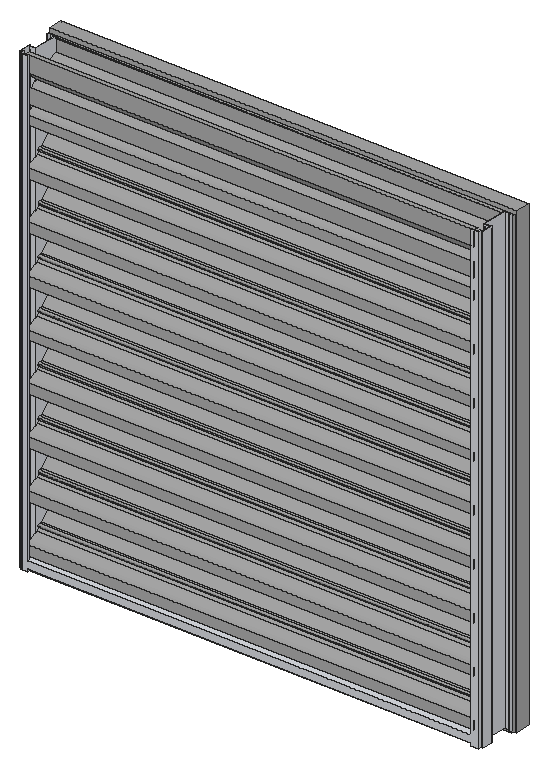
Revit family
Parameters
  Weight = "4 lb/sq.ft."  # constant formula
  Warranty = "All materials and workmanship are warranted for a period of 1 year from date of completion."  # constant formula
  URL = "http://www.industriallouvers.com"
  Surface Finish = "Aluminum, Anodized, or Kynar finish"  # constant formula
  Support Material = Aluminum
  Subcategory = "Fixed Extruded Non-Drainable "  # constant formula
  Static Pressure Loss = ".15\" of water gage @ an air flow of 976.4 FPM free area velocity"
  Specifications  URL = "http://www.industriallouvers.com/downloads/Extruded%20Non-Drainable/456XP_SD.doc"
  Screen Material = Screen Material
  SMARTBIM URL = "http://www.SMARTBIM.com"
  SMARTBIM Object Version = 3  # constant formula
  SMARTBIM Object Created By = "SMARTBIM, LLC"  # constant formula
  SMARTBIM Contact = "mailto:SMARTBIM@SMARTBIM.com"
  Product Submittal URL = "http://www.industriallouvers.com/downloads/Extruded%20Non-Drainable/456XP_PS.pdf"
  Product Page URL = "http://www.industriallouvers.com/lv_fend.php"
  Number of Blades [instance] = (Louver Height - 0' 5 1/2") / 0' 5"  # 9
  Model = "456XP "  # constant formula
  Minimum Height = 1' - 0"  # constant formula
  Maximum Water Penetration = ".01 oz at an air flow of 903.7 FPM"  # constant formula
  Maximum Size - Single Section [instance] = "One dimension not to exceed 78\" or 300 lbs"
  Material = "Aluminum"  # constant formula
  Manufacturer Toll Free Phone = "1-800-328-3421"  # constant formula
  Manufacturer Phone = "763-972-2981"  # constant formula
  Manufacturer Fax = "763-972-2911"  # constant formula
  Manufacturer Email = "mailto:ilinfo@industriallouvers.com"
  Manufacturer Address = "511 S. 7th Street, Delano, MN 55328"  # constant formula
  Manufacturer = "Industrial Louvers, Inc."  # constant formula
  Maintenance = "http://www.industriallouvers.com/prod-forms/Maintenance%20Instructions.pdf"
  Louver Width [instance] = 4' - 0"
  Louver Height [instance] = 4' - 0"
  Installation URL = "http://www.industriallouvers.com/downloads/Extruded%20Non-Drainable/456XP_II.pdf"
  Height [instance] = if(Louver Height < 1' 0", 1' 0", Louver Height)  # 4' - 0"
  Free Area for 48”x48” Louver = "52.8%"  # constant formula
  Free Area (ft²) for 48" x 48" Louver = "8.45"  # constant formula
  Frame Material = Aluminum
  Description = "Fixed Extruded Non-Drainable "  # constant formula
  Depth = 0' - 4"  # constant formula
  Default Elevation = 4' - 0"
  Cost Info = "Contact Factory"  # constant formula
  CAD Drawings = "http://www.industriallouvers.com/downloads/Extruded%20Non-Drainable/456XP_ACD.dwg"
  Blade Width [instance] = Louver Width - 0' 1 1/2"  # 3' - 10 1/2"
  Blade Start Height [instance] = (Louver Height - 0' 4 1/2" - Blade Region Height) / 2  # 0' - 1 3/4"
  Blade Region Height [instance] = (Blade Count - 1) * 0' 5"  # 3' - 4"
  Blade Material = Aluminum
  Blade Count [instance] = if(((Louver Height - 0' 5 1/2") / 0' 5") < 2, 2, (Louver Height - 0' 5 1/2") / 0' 5")  # 9
  Assembly Code = "B2010300"
  95 CSI = "10200"  # constant formula
  04 CSI = "08 91 00"  # constant formula
Reference planes (in)
  plane 1 "Center (Front/Back)": y = 0
  plane 2: z = 0
  plane 3 "Center (Left/Right)": x = 0
  plane 4: x = -24
  plane 5: x = 24
  plane 6: x = -23.25
  plane 7: x = 23.25
  plane 8 "Back of Blade": y = 2
  plane 9: z = 1.75
  plane 10: z = 41.75
  plane 11: z = 48.5
  plane 12 "Back of Screen": y = 2.345
  plane 13: z = 47
  plane 14: z = 1.5
  plane 15: y = 2.47
  plane 16: z = 48.375
  plane 17: z = 0.125
  plane 18: y = 3.845
  plane 19 "Front of Louver": y = -2
  plane 20: z = 48.25
  plane 21: z = 0.25
  plane 22: z = 21.75
  plane 23: x = -24.25
  plane 24: x = 24.25
  plane 25: z = 48
Forms (in)
  Extrusion 1, solid, material "Aluminum" <- "Blade Material"
    sketch origin (0, -24, 12.25956) x (0, 1, 0) y (0, 0, 1)
      loop
        line (22.081, 33.00458) -> (22.081, 31.47297) -> (24.00309, 33.76363) -> (26, 34.49044) -> (26, 35.99044) -> (25.75, 35.99044) -> (25.75, 35.90944) -> (25.919, 35.90944) -> (25.919, 34.54716) -> (23.95499, 33.83232) -> (23.39548, 33.16551) -> (22.162, 34.39899) -> (22.162, 35.90944) -> (22.581, 35.90944) -> (22.581, 35.99044) -> (22.081, 35.99044) -> (22.081, 34.36544) -> (23.34321, 33.10323) -> (22.162, 31.69551) -> (22.162, 32.92358) -> (22.081, 33.00458)
    from -23.25 to 23.25
  Sweep 2, solid, material "Aluminum" <- "Support Material"
    path origin (0, 0, 0) x (1, 0, 0) y (0, 0, 1)
      loop
        line (-24.25, 48.5) -> (-24.25, 0) -> (24.25, 0) -> (24.25, 48.5) -> (-24.25, 48.5)
    profile origin (0, 0, 48.5) x (0, 0, 1) y (0, -1, 0)
      loop
        line (-1.5, -2.345) -> (-1.5, -2.47) -> (-0.125, -2.47) -> (-0.125, -3.845) -> (0, -3.845) -> (0, -2.345) -> (-1.5, -2.345)
  Extrusion 3, solid
    sketch origin (-10, 22.75594, 29.61826) x (1, 0, 0) y (0, 1, 0)
      loop
        line (33.331, -20.83694) -> (33.919, -20.83694) -> (33.919, -21.00594) -> (34, -21.00594) -> (34, -20.75594) -> (33.25, -20.75594) -> (33.25, -23.46894) -> (33.919, -23.46894) -> (33.919, -24.42494) -> (33.669, -24.42494) -> (33.669, -24.67494) -> (33, -24.67494) -> (33, -24.75594) -> (33.75, -24.75594) -> (33.75, -24.50594) -> (34, -24.50594) -> (34, -23.32994)
        arc (34, -23.32994) -> (33.97, -23.29994) -> (33.94, -23.32994) r 0.03
        line (33.94, -23.32994) -> (33.94, -23.38794) -> (33.331, -23.38794) -> (33.331, -20.83694)
    from -29.36826 to 18.63174
  Extrusion 4, solid
    sketch origin (10, -22.75594, 29.61826) x (-1, 0, 0) y (0, -1, 0)
      loop
        line (33.331, -24.67494) -> (33.331, -22.12394) -> (33.94, -22.12394) -> (33.94, -22.18194)
        arc (33.94, -22.18194) -> (33.97, -22.21194) -> (34, -22.18194) r 0.03
        line (34, -22.18194) -> (34, -21.00594) -> (33.75, -21.00594) -> (33.75, -20.75594) -> (33, -20.75594) -> (33, -20.83694) -> (33.669, -20.83694) -> (33.669, -21.08694) -> (33.919, -21.08694) -> (33.919, -22.04294) -> (33.25, -22.04294) -> (33.25, -24.75594) -> (34, -24.75594) -> (34, -24.50594) -> (33.919, -24.50594) -> (33.919, -24.67494) -> (33.331, -24.67494)
    from -29.36826 to 18.63174
  Extrusion 5, solid
    sketch origin (0, 10.4294, 0.25) x (0, 1, 0) y (0, 0, 1)
      loop
        line (-10.9944, 1.30065) -> (-9.79367, 1.62238) -> (-9.3574, 1.62238) -> (-9.3574, 1.73928) -> (-8.5104, 1.96624) -> (-8.5104, 0.081) -> (-8.6794, 0.081) -> (-8.6794, 0) -> (-8.4294, 0) -> (-8.4294, 4.39621) -> (-8.80856, 4.01705) -> (-8.69401, 4.01705) -> (-8.5104, 4.20066) -> (-8.5104, 2.05009) -> (-12.42934, 1.00002) -> (-12.42934, 0.25) -> (-12.1794, 0.25) -> (-12.1794, 0) -> (-11.6794, 0) -> (-11.6794, 0.081) -> (-12.0984, 0.081) -> (-12.0984, 0.331) -> (-12.3484, 0.331) -> (-12.3484, 0.91406)
        arc (-12.3484, 0.91406) -> (-12.34199, 0.93293) -> (-12.32542, 0.944) r 0.031
        line (-12.32542, 0.944) -> (-11.43067, 1.18375) -> (-10.9944, 1.18375) -> (-10.9944, 1.30065)
    from -23.25 to 23.25
Cuts and joins
  joined: Extrusion 3, Extrusion 4, Extrusion 5
Dimensions and locks (in)
  equal spacing: plane 4, plane 3 "Center (Left/Right)", plane 5
  "Louver Width": plane 4 to plane 5
  locked: plane 4 to plane 6 at 0.75
  locked: plane 7 to plane 5 at 0.75
  "Blade Start Height": plane 9 to level
  "Louver Height": plane 20 to plane 21
  locked: plane 18 to plane 12 "Back of Screen" at 1.5
  locked: plane 15 to plane 12 "Back of Screen" at 0.125
  locked: plane 11 to plane 13 at 1.5
  locked: plane 11 to plane 16 at 0.125
  locked: plane 17 to level at 0.125
  locked: plane 14 to level at 1.5
  locked: plane 12 "Back of Screen" to plane 8 "Back of Blade" at 0.345
  equal spacing: plane 8 "Back of Blade", plane 1 "Center (Front/Back)", plane 19 "Front of Louver"
  locked: plane 8 "Back of Blade" to plane 19 "Front of Louver" at 4
  locked: plane 11 to plane 20 at 0.25
  locked: plane 21 to level at 0.25
  equal spacing: group 1, group 3, group 4, group 5, group 6, group 7, group 8, group 9, group 2  (x3)
  locked: plane 23 to plane 4 at 0.25
  locked: plane 5 to plane 24 at 0.25
  equal spacing: plane 10, plane 22, plane 9
  locked: plane 11 to plane 25 at 0.5
  "Blade Region Height": plane 10 to plane 9
  aligned and locked: Sweep 2 sketch curve to plane 11
  aligned and locked: Sweep 2 sketch curve to level
  aligned and locked: Sweep 2 to plane 12 "Back of Screen"
  aligned and locked: nested 1 to plane 12 "Back of Screen"
  aligned and locked: nested 1 to plane 8 "Back of Blade"
  aligned and locked: nested 1 to level
  aligned and locked: plane 5 to Extrusion 3
  aligned and locked: Extrusion 4 to plane 4
  aligned: plane 11 to Extrusion 3
  aligned and locked: Extrusion 1 to plane 20
  aligned and locked: Extrusion 1 to plane 8 "Back of Blade"
  aligned and locked: Extrusion 1 to plane 6
  aligned and locked: plane 7 to Extrusion 1
  aligned: Extrusion 3 to level
  aligned: Extrusion 4 to level
  aligned: plane 11 to Extrusion 4
  aligned and locked: plane 3 "Center (Left/Right)" to nested 2
  aligned and locked: nested 2 to plane 8 "Back of Blade"
  aligned and locked: plane 9 to nested 2
  aligned and locked: plane 10 to nested 3
  aligned and locked: plane 3 "Center (Left/Right)" to nested 4
  aligned and locked: nested 4 to plane 8 "Back of Blade"
  aligned: plane 3 "Center (Left/Right)" to nested 1
  aligned and locked: plane 22 to nested 4
  aligned and locked: Extrusion 5 to plane 6
  aligned and locked: plane 7 to Extrusion 5
  aligned and locked: cut or joined group of Extrusion 3, Extrusion 4, Extrusion 5 to plane 20  (x2)
  aligned and locked: plane 21 to cut or joined group of Extrusion 3, Extrusion 4, Extrusion 5  (x2)
  aligned and locked: plane 23 to Sweep 2 sketch curve
  aligned and locked: plane 24 to Sweep 2 sketch curve
  aligned and locked: plane 25 to nested 1
  aligned and locked: plane 5 to nested 1
  aligned and locked: nested 1 to plane 4
Automatic sketch dimensions
  Extrusion 3 sketch curve to Extrusion 3 sketch curve = 0' - 0.081"  (x7)
  Extrusion 3 sketch curve to Extrusion 3 sketch curve = 0' - 0.169"  (x3)
  Extrusion 3 sketch curve to Extrusion 3 sketch curve = 0' - 0.588"
  Extrusion 3 sketch curve to Extrusion 3 sketch curve = 0' - 0.021"
  Extrusion 3 sketch curve to Extrusion 3 sketch curve = 0' - 0.03"
  Extrusion 3 sketch curve to Extrusion 3 sketch curve = 0' - 0.956"
  Extrusion 3 sketch curve to Extrusion 3 sketch curve = 0' - 0.058"
  Extrusion 3 sketch curve to Extrusion 3 sketch curve = 0' - 2.324"
  Extrusion 3 sketch curve to Extrusion 3 sketch curve = 0' - 0 1/4"
  Extrusion 3 sketch curve to Extrusion 3 sketch curve = 0' - 0.669"
  Extrusion 4 sketch curve to Extrusion 4 sketch curve = 0' - 0.081"  (x7)
  Extrusion 4 sketch curve to Extrusion 4 sketch curve = 0' - 0.169"  (x3)
  Extrusion 4 sketch curve to Extrusion 4 sketch curve = 0' - 0.588"
  Extrusion 4 sketch curve to Extrusion 4 sketch curve = 0' - 0.021"
  Extrusion 4 sketch curve to Extrusion 4 sketch curve = 0' - 0.03"
  Extrusion 4 sketch curve to Extrusion 4 sketch curve = 0' - 0.956"
  Extrusion 4 sketch curve to Extrusion 4 sketch curve = 0' - 0.058"
  Extrusion 4 sketch curve to Extrusion 4 sketch curve = 0' - 2.324"
  Extrusion 4 sketch curve to Extrusion 4 sketch curve = 0' - 0 1/4"
  Extrusion 4 sketch curve to Extrusion 4 sketch curve = 0' - 0.669"
  profile plane to Sweep 2 sketch curve = 0' - 0"
  Sweep 2 sketch curve to Sweep 2 sketch curve = 0' - 0 1/8"  (x2)
  Sweep 2 sketch curve to Sweep 2 sketch curve = 0' - 1 3/8"  (x2)
  Sweep 2 sketch curve to plane 1 "Center (Front/Back)" = 0' - 3.845"
  Extrusion 1 sketch curve to Extrusion 1 sketch curve = 0' - 0.081"  (x6)
  Extrusion 1 sketch curve to Extrusion 1 sketch curve = 0' - 0.419"
  Extrusion 1 sketch curve to Extrusion 1 sketch curve = 0' - 1.18121"
  Extrusion 1 sketch curve to Extrusion 1 sketch curve = 0' - 0.05226"
  Extrusion 1 sketch curve to Extrusion 1 sketch curve = 0' - 0.55951"
  Extrusion 1 sketch curve to Extrusion 1 sketch curve = 0' - 0.0481"
  Extrusion 1 sketch curve to Extrusion 1 sketch curve = 0' - 1.79501"
  Extrusion 1 sketch curve to Extrusion 1 sketch curve = 0' - 0.169"
  Extrusion 1 sketch curve to Extrusion 1 sketch curve = 0' - 0.22255"
  Extrusion 1 sketch curve to Extrusion 1 sketch curve = 0' - 1.22807"
  Extrusion 1 sketch curve to Extrusion 1 sketch curve = 0' - 0.17964"
  Extrusion 1 sketch curve to Extrusion 1 sketch curve = 0' - 0.06229"
  Extrusion 1 sketch curve to Extrusion 1 sketch curve = 0' - 0.59811"
  Extrusion 1 sketch curve to Extrusion 1 sketch curve = 0' - 0.06869"
  Extrusion 1 sketch curve to Extrusion 1 sketch curve = 0' - 1.36086"
  Extrusion 1 sketch curve to Extrusion 1 sketch curve = 0' - 0.03355"
  Extrusion 1 sketch curve to Extrusion 1 sketch curve = 0' - 0.72682"
  Extrusion 1 sketch curve to Extrusion 1 sketch curve = 0' - 0.05672"
  Extrusion 1 sketch curve to Extrusion 1 sketch curve = 0' - 1.51045"
  Extrusion 1 sketch curve to Extrusion 1 sketch curve = 0' - 1.36228"
  Extrusion 1 sketch curve to Extrusion 1 sketch curve = 0' - 1.87399"
  plane 20 to Extrusion 1 sketch curve = 0' - 0"
  Extrusion 1 sketch curve to plane 8 "Back of Blade" = 0' - 0"
  plane 19 "Front of Louver" to Extrusion 3 sketch curve = 0' - 0"
  Extrusion 3 sketch curve to plane 7 = 0' - 0"
  plane 19 "Front of Louver" to Extrusion 4 sketch curve = 0' - 0"
  Extrusion 4 sketch curve to plane 6 = 0' - 0"
  Extrusion 5 sketch curve to Extrusion 5 sketch curve = 0' - 0.08094"
  Extrusion 5 sketch curve to Extrusion 5 sketch curve = 0' - 0.02298"
  Extrusion 5 sketch curve to Extrusion 5 sketch curve = 0' - 0.00802"
  Extrusion 5 sketch curve to Extrusion 5 sketch curve = 0' - 0.169"  (x3)
  Extrusion 5 sketch curve to Extrusion 5 sketch curve = 0' - 0.081"  (x5)
  Extrusion 5 sketch curve to Extrusion 5 sketch curve = 0' - 0.419"
  Extrusion 5 sketch curve to Extrusion 5 sketch curve = 0' - 0.43627"  (x2)
  Extrusion 5 sketch curve to Extrusion 5 sketch curve = 0' - 0.54884"
  Extrusion 5 sketch curve to Extrusion 5 sketch curve = 0' - 0.11455"
  Extrusion 5 sketch curve to Extrusion 5 sketch curve = 0' - 0.678"
  Extrusion 5 sketch curve to Extrusion 5 sketch curve = 0' - 0 47/256"  (x2)
  Extrusion 5 sketch curve to Extrusion 5 sketch curve = 0' - 0.1169"  (x2)
  Extrusion 5 sketch curve to Extrusion 5 sketch curve = 0' - 0.08386"
  Extrusion 5 sketch curve to Extrusion 5 sketch curve = 0' - 0.19555"
  Extrusion 5 sketch curve to Extrusion 5 sketch curve = 0' - 0.89475"
  Extrusion 5 sketch curve to Extrusion 5 sketch curve = 0' - 1.20073"
  Extrusion 5 sketch curve to Extrusion 5 sketch curve = 0' - 0"
  Extrusion 5 sketch curve to Extrusion 5 sketch curve = 0' - 0.58306"
  Extrusion 5 sketch curve to Extrusion 5 sketch curve = 0' - 0.05601"
  Extrusion 5 sketch curve to Extrusion 5 sketch curve = 0' - 1.10275"
  Extrusion 5 sketch curve to Extrusion 5 sketch curve = 0' - 0.32173"
  Extrusion 5 sketch curve to Extrusion 5 sketch curve = 0' - 0.22695"
  Extrusion 5 sketch curve to Extrusion 5 sketch curve = 0' - 1.96696"
  Extrusion 5 sketch curve to plane 21 = 0' - 0"
  Extrusion 5 sketch curve to plane 8 "Back of Blade" = 0' - 0"
Nested families (in)
  nested 1: "Louver Screen" at (18, 2, 0), type "Louver Screen"
    with Width 4' - 0", Height 4' - 0", Depth 0' - 0.345"
  nested 2: "Louver-Blade_456XP_IndustrialLouver" at (0, 2, 1.75), type "Louver-Blade_456XP_IndustrialLouver"
  nested 3: "Louver-Blade_456XP_IndustrialLouver" at (0, 2, 41.75), type "Louver-Blade_456XP_IndustrialLouver"
  nested 4: "Louver-Blade_456XP_IndustrialLouver" at (0, 2, 21.75), type "Louver-Blade_456XP_IndustrialLouver", not visible
  nested 5: "Louver-Blade_456XP_IndustrialLouver" at (0, 2, 6.75), type "Louver-Blade_456XP_IndustrialLouver"
  nested 6: "Louver-Blade_456XP_IndustrialLouver" at (0, 2, 11.75), type "Louver-Blade_456XP_IndustrialLouver"
  nested 7: "Louver-Blade_456XP_IndustrialLouver" at (0, 2, 16.75), type "Louver-Blade_456XP_IndustrialLouver"
  nested 8: "Louver-Blade_456XP_IndustrialLouver" at (0, 2, 21.75), type "Louver-Blade_456XP_IndustrialLouver"
  nested 9: "Louver-Blade_456XP_IndustrialLouver" at (0, 2, 26.75), type "Louver-Blade_456XP_IndustrialLouver"
  nested 10: "Louver-Blade_456XP_IndustrialLouver" at (0, 2, 31.75), type "Louver-Blade_456XP_IndustrialLouver"
  nested 11: "Louver-Blade_456XP_IndustrialLouver" at (0, 2, 36.75), type "Louver-Blade_456XP_IndustrialLouver"
Connectors (in)
  hvac at (0, 2.47, 24.25), driven by "Louver Height", driven by "Louver Width"
    settings: on Sweep 2, index 1, duct flow 0 CFM, flow factor 0, pres drop 0.00 in-wg, loss coef 0, conn angle 0.00°, conn width 48", conn height 48", conn radius 12", duct sys type 1, conn prof type 1, flow config 0, flow direction 0, loss method 0, conn ref index -1, conn util no, is conn primary yes, conn desc ""
Definition of nested family "Louver Screen"
  Parameters (values of type "Louver Screen")
    Width [instance] = 2' - 0"
    Screen Frame = Aluminum
    Screen = Screen Material
    Height [instance] = 2' - 0"
    Depth [instance] = 0' - 0 115/256"
    Assembly Code = ""
  Reference planes (in)
    plane 1 "Front": y = 0
    plane 2: z = 0
    plane 3 "Center (Left/Right)": x = -18
    plane 4: x = -30
    plane 5: x = -6
    plane 6: z = 24
    plane 7: x = -29.25
    plane 8: x = -6.75
    plane 9: z = 23.25
    plane 10: z = 0.75
    plane 11 "Back": y = 0.44922
    plane 12 "Center (Front/Back)": y = 0.22461
    plane 13: y = 0.19336
    plane 14: y = 0.25586
  Forms (in)
    Sweep 1, solid, material "Aluminum" <- "Screen Frame"
      path origin (0, 0, 0) x (1, 0, 0) y (0, 0, 1)
        loop
          line (-30, 24) -> (-30, 0) -> (-6, 0) -> (-6, 24) -> (-30, 24)
      profile origin (-18, 0, 24) x (0, 0, 1) y (0, -1, 0)
        loop
          line (0, 0) -> (-0.75, 0) -> (-0.75, -0.44922) -> (0, -0.44922) -> (0, 0)
    Extrusion 2, solid, material "Screen Material" <- "Screen"
      sketch origin (0, 0, 0) x (1, 0, 0) y (0, 0, 1)
        loop
          line (-29.25, 0.75) -> (-6.75, 0.75) -> (-6.75, 23.25) -> (-29.25, 23.25) -> (-29.25, 0.75)
      from -0.19336 to -0.25586
  Dimensions and locks (in)
    equal spacing: plane 4, plane 3 "Center (Left/Right)", plane 5
    "Width": plane 4 to plane 5
    locked: Sweep 1 sketch curve to Sweep 1 sketch curve at 0.75
    locked: plane 6 to plane 9 at 0.75
    locked: plane 4 to plane 7 at 0.75
    locked: plane 5 to plane 8 at 0.75
    locked: plane 10 to level at 0.75
    "Depth": plane 1 "Front" to plane 11 "Back"
    equal spacing: plane 1 "Front", plane 12 "Center (Front/Back)", plane 11 "Back"
    plane 14 to plane 12 "Center (Front/Back)" to plane 13 = 0' - 0 1/32" locked, 0' - 0 1/32" locked
    "Height": plane 6 to plane 2
    aligned and locked: Sweep 1 sketch curve to plane 6
    aligned and locked: Sweep 1 sketch curve to plane 4
    aligned and locked: Sweep 1 sketch curve to level
    aligned and locked: Sweep 1 sketch curve to plane 5
    aligned and locked: Extrusion 2 sketch curve to plane 7
    aligned and locked: Extrusion 2 sketch curve to plane 9
    aligned and locked: Extrusion 2 sketch curve to plane 10
    aligned and locked: Extrusion 2 sketch curve to plane 8
    aligned and locked: plane 11 "Back" to Sweep 1
    aligned and locked: plane 1 "Front" to Sweep 1 sketch curve
    aligned and locked: plane 11 "Back" to Sweep 1 sketch curve
    aligned and locked: plane 14 to Extrusion 2
    aligned and locked: Extrusion 2 to plane 13
    aligned and locked: plane 2 to level
  Automatic sketch dimensions
    profile plane to Sweep 1 sketch curve = 0' - 0"
Definition of nested family "Louver-Blade_456XP_IndustrialLouver"
  Parameters (values of type "Louver-Blade_456XP_IndustrialLouver")
    Width = 3' - 10 1/2"
    Blade Material = Aluminum
    Assembly Code = ""
  Reference planes (in)
    plane 1 "Center (Front/Back)": y = 0
    plane 2: z = 0
    plane 3 "Center (Left/Right)": x = 0
    plane 4: x = -23.25
    plane 5: x = 23.25
    plane 6: z = 4.42386
    plane 7: z = 2.21193
  Forms (in)
    Extrusion 1, solid, material "Aluminum" <- "Blade Material"
      sketch origin (0, 0, 0) x (0, 1, 0) y (0, 0, 1)
        loop
          line (0, 4.42386) -> (-0.24961, 4.17425) -> (-0.24961, 4.0597) -> (-0.081, 4.22831) -> (-0.081, 3.72965)
          arc (-0.081, 3.72965) -> (-0.64365, 3.43923) -> (-1.13503, 3.03989) r 3.0802
          line (-1.13503, 3.03989) -> (-1.97756, 2.19736) -> (-2.27747, 2.16877)
          arc (-2.27747, 2.16877) -> (-2.41321, 2.05496) -> (-2.3528, 1.88843) r 0.1545
          arc (-2.3528, 1.88843) -> (-2.33594, 1.85915) -> (-2.3475, 1.82741) r 0.04
          line (-2.3475, 1.82741) -> (-2.57448, 1.60044)
          arc (-2.57448, 1.60044) -> (-3.17984, 1.14679) -> (-3.919, 0.98586) r 1.778
          line (-3.919, 0.98586) -> (-3.919, -0.01414) -> (-3.838, 0.06686) -> (-3.838, 0.90662)
          arc (-3.838, 0.90662) -> (-3.11083, 1.08972) -> (-2.51516, 1.54521) r 1.859
          line (-2.51516, 1.54521) -> (-2.15475, 1.90561)
          arc (-2.15475, 1.90561) -> (-2.15475, 1.96289) -> (-2.21203, 1.96289) r 0.0405
          arc (-2.21203, 1.96289) -> (-2.33717, 2.00794) -> (-2.2227, 2.07566) r 0.0735
          arc (-2.2227, 2.07566) -> (-2.18632, 2.07102) -> (-2.16111, 2.09764) r 0.0405
          line (-2.16111, 2.09764) -> (-1.9437, 2.11666) -> (-1.07775, 2.98261)
          arc (-1.07775, 2.98261) -> (-0.8992, 3.14726) -> (-0.70791, 3.29692) r 2.9992
          arc (-0.70791, 3.29692) -> (-0.36661, 3.50916) -> (0, 3.67386) r 2.9992
          line (0, 3.67386) -> (0, 4.42386)
      from -23.25 to 23.25
  Dimensions and locks (in)
    equal spacing: plane 4, plane 3 "Center (Left/Right)", plane 5
    "Width": plane 4 to plane 5
    equal spacing: plane 6, plane 7, level
    locked: plane 6 to level at 4.42386
    aligned and locked: Extrusion 1 to plane 4
    aligned and locked: plane 5 to Extrusion 1
    aligned and locked: plane 6 to Extrusion 1
  Automatic sketch dimensions
    Extrusion 1 sketch curve to Extrusion 1 sketch curve = 0' - 0"  (x13)
    Extrusion 1 sketch curve to plane 1 "Center (Front/Back)" = 0' - 0"
    plane 1 "Center (Front/Back)" to Extrusion 1 sketch curve = 0' - 0.081"
    Extrusion 1 sketch curve to Extrusion 1 sketch curve = 0' - 0.16861"
    plane 1 "Center (Front/Back)" to Extrusion 1 sketch curve = 0' - 0.70791"
    Extrusion 1 sketch curve to Extrusion 1 sketch curve = 0' - 0.36985"
    Extrusion 1 sketch curve to Extrusion 1 sketch curve = 0' - 0.05728"  (x2)
    Extrusion 1 sketch curve to Extrusion 1 sketch curve = 0' - 0.86595"
    Extrusion 1 sketch curve to Extrusion 1 sketch curve = 0' - 0.03386"
    Extrusion 1 sketch curve to Extrusion 1 sketch curve = 0' - 0.21105"
    Extrusion 1 sketch curve to Extrusion 1 sketch curve = 0' - 0.00636"
    Extrusion 1 sketch curve to Extrusion 1 sketch curve = 0' - 0.02864"  (x2)
    Extrusion 1 sketch curve to Extrusion 1 sketch curve = 0' - 0.03883"
    Extrusion 1 sketch curve to Extrusion 1 sketch curve = 0' - 0.02276"
    Extrusion 1 sketch curve to Extrusion 1 sketch curve = 0' - 0.05197"
    Extrusion 1 sketch curve to Extrusion 1 sketch curve = 0' - 0.07753"
    Extrusion 1 sketch curve to Extrusion 1 sketch curve = 0' - 0.13548"
    Extrusion 1 sketch curve to Extrusion 1 sketch curve = 0' - 0.00529"
    Extrusion 1 sketch curve to Extrusion 1 sketch curve = 0' - 0.02299"
    Extrusion 1 sketch curve to Extrusion 1 sketch curve = 0' - 0.16765"
    Extrusion 1 sketch curve to Extrusion 1 sketch curve = 0' - 0.05932"
    Extrusion 1 sketch curve to Extrusion 1 sketch curve = 0' - 1.26352"
    Extrusion 1 sketch curve to Extrusion 1 sketch curve = 0' - 1.64153"
    Extrusion 1 sketch curve to plane 1 "Center (Front/Back)" = 0' - 1.043"
    Extrusion 1 sketch curve to Extrusion 1 sketch curve = 0' - 0.07923"
    level to Extrusion 1 sketch curve = 0' - 0.86186"
    level to Extrusion 1 sketch curve = 0' - 0.06686"
    Extrusion 1 sketch curve to level = 0' - 0.01414"
    Extrusion 1 sketch curve to Extrusion 1 sketch curve = 0' - 0.22697"
    Extrusion 1 sketch curve to Extrusion 1 sketch curve = 0' - 0.33005"
    Extrusion 1 sketch curve to Extrusion 1 sketch curve = 0' - 0.11455"
    Extrusion 1 sketch curve to Extrusion 1 sketch curve = 0' - 0.05406"
    Extrusion 1 sketch curve to Extrusion 1 sketch curve = 0' - 0.19555"
    Extrusion 1 sketch curve to plane 6 = 0' - 0"
    Extrusion 1 sketch curve to Extrusion 1 sketch curve = 0' - 0.83977"
    Extrusion 1 sketch curve to Extrusion 1 sketch curve = 0' - 0.63858"
    Extrusion 1 sketch curve to Extrusion 1 sketch curve = 0' - 0.02828"
    Extrusion 1 sketch curve to Extrusion 1 sketch curve = 0' - 0.10925"
    Extrusion 1 sketch curve to Extrusion 1 sketch curve = 0' - 0.01902"
    Extrusion 1 sketch curve to Extrusion 1 sketch curve = 0' - 0.0807"
